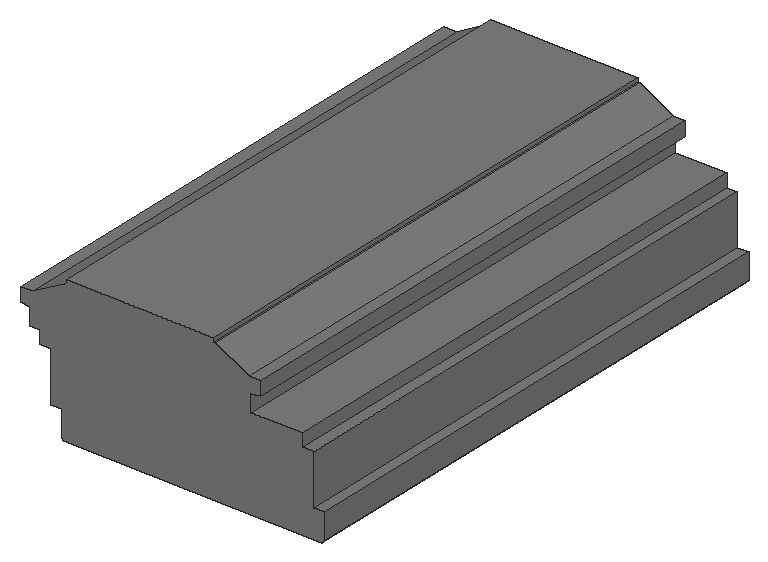
Revit family "HourdiBox PP Néo 150 Up 14 KW-1", category Equipement spécialisé, Revit 2016
Family settings
  Basée sur le plan de construction = Non
  Toujours verticalement = Oui
  Couper avec des vides une fois chargée = Non
  Partagée = Non
  Point de calcul de pièce = Non
Parameters (values of type "HourdiBox PP 150 Up 14")
  Up - SEAC GF 110 - SEAC GF 120 - SEAC GF 930 - SEAC GF 940 = 0.1300 W/(m·K)  # constant formula
  Up - RECTOR NR 130 = 0.1400 W/(m·K)  # constant formula
  Up - RECTOR NR 110 = 0.1300 W/(m·K)  # constant formula
  Up - LB7 - Série 1 = 0.1300 W/(m·K)  # constant formula
  Up - LB 7 - Série 2 = 0.1300 W/(m·K)  # constant formula
  Up - KP1 Leader 130 - KP1 Leader 140 = 0.1300 W/(m·K)  # constant formula
  Up - KP1 Leader 110 - KP1 Leader 115S - KP1 Leader x 110 = 0.1300 W/(m·K)  # constant formula
  Up - DURANDAL DF 110 - DURANDAL DF 130 - DURANDAL DF 140 = 0.1300 W/(m·K)  # constant formula
  URL = "http://www.isobox-isolation.fr/"
  Rp - SEAC GF 110 - SEAC GF 120 - SEAC GF 930 - SEAC GF 940 = 7.0000 (m²·K)/W  # constant formula
  Rp - RECTOR NR 110 = 7.1000 (m²·K)/W  # constant formula
  Rp - RECTOR NR 130 = 6.8500 (m²·K)/W  # constant formula
  Keynote = ""
  Model = "Entrevous 120 - UP 14 "  # constant formula
  Matériaux = Isolant PSE Entrevous
  Longueur = 1200 mm  # constant formula
  Largeur coupure 02 (base 10cm = 0) (par défaut) [instance] = 100 mm
  Largeur coupure 01 (base 10cm = 0) [instance] = 100 mm
  Longueur coupure (base 10cm = 0) [instance] = 100 mm
  Largeur = 688.5 mm  # constant formula
  Rp - LB7 - Série 1 = 7.2000 (m²·K)/W  # constant formula
  Rp - LB 7 - Série 2 = 7.0000 (m²·K)/W  # constant formula
  Rp - KP1 Leader 130 - KP1 Leader 140 = 7.0000 (m²·K)/W  # constant formula
  Rp - KP1 Leader 110 - KP1 Leader 115S - KP1 Leader x 110 = 7.2000 (m²·K)/W  # constant formula
  Fabricant = "Isobox"  # constant formula
  Epaisseur de languette = 207 mm  # constant formula
  Description = ""
  Rp - DURANDAL DF 110 - DURANDAL DF 130 - DURANDAL DF 140 = 7.0500 (m²·K)/W  # constant formula
  Coût = 0  # constant formula
Reference planes
  plane 1 "Centre (avant/arrière)": y = 0
  plane 2: z = 0
  plane 3 "Centre (gauche/droite)": x = 0
Forms (mm)
  Extrusion 1, solid, material "Isolant PSE Entrevous" <- "Matériaux"
    sketch origin (0, 0, 0) x (1, 0, 0) y (0, 0, 1)
      loop
        line (105.383, 0) -> (105.383, -9) -> (100.383, -9) -> (27.542, -50.647) -> (0, -50.647) -> (0, -82.012) -> (21.945, -84.319) -> (21.945, -122.995) -> (45, -122.995) -> (45, -152) -> (68.5, -152) -> (68.5, -266) -> (93.5, -266) -> (93.5, -325) -> (98.5, -330) -> (683.5, -330) -> (688.5, -325) -> (688.5, -266) -> (663.5, -266) -> (663.5, -152) -> (640, -152) -> (640, -123) -> (522.055, -123) -> (522.055, -84.319) -> (544, -82.012) -> (544, -50.647) -> (516.458, -50.647) -> (443.618, -9) -> (438.618, -9) -> (438.618, 0) -> (105.383, 0)
    from 0 to 1200
  Extrusion 2, void
    sketch origin (0, 0, 0) x (1, 0, 0) y (0, 1, 0)
      loop
        line (788.5, 0) -> (688.5, 0) -> (688.5, -1200) -> (788.5, -1200) -> (788.5, 0)
    from -330 to 0
  Extrusion 3, void
    sketch origin (0, 0, 0) x (1, 0, 0) y (0, 1, 0)
      loop
        line (0, -1200) -> (0, -1300) -> (688.5, -1300) -> (688.5, -1200) -> (0, -1200)
    from 0 to -330
  Extrusion 4, void
    sketch origin (-788.5, 0, 0) x (1, 0, 0) y (0, 1, 0)
      loop
        line (788.5, 0) -> (688.5, 0) -> (688.5, -1200) -> (788.5, -1200) -> (788.5, 0)
    from -330 to 0
Cuts and joins
  Extrusion 2, Extrusion 3, Extrusion 4 cuts Extrusion 1
Lines and regions (mm)
  reference lines
    curve 1: line (788.5, 160, 0) -> (788.5, -1440, 0)
    curve 2: line (-100, 0, 0) -> (-100, -1540, 0)
    curve 3: line (0, -1300, 0) -> (1520, -1300, 0)
Dimensions and locks
  locked: Extrusion 1 to Extrusion 1 at 688.5
  locked: Extrusion 1 to Extrusion 1 at 1200
  locked: Extrusion 1 to Extrusion 1 at 143
  "Largeur coupure 01 (base 10cm = 0)": Extrusion 2 to Extrusion 2
  locked: Extrusion 3 to Extrusion 3 at 688.5
  "Longueur coupure (base 10cm = 0)": Extrusion 3 to Extrusion 3
  "Largeur coupure 02 (base 10cm = 0) (par défaut)": Extrusion 4 to Extrusion 4
  cut or joined group of Extrusion 1, Extrusion 2, Extrusion 3, Extrusion 4 to cut or joined group of Extrusion 1, Extrusion 2, Extrusion 3, Extrusion 4 = 330 mm
  aligned and locked: level to plane 2
  aligned and locked: Extrusion 2 to curve 1
  aligned and locked: Extrusion 4 to curve 2
  aligned and locked: Extrusion 3 to curve 3
Automatic sketch dimensions
  Extrusion 1 sketch curve to plane 3 "Centre (gauche/droite)" = 0 mm
  Extrusion 1 sketch curve to level = 0 mm
  plane 3 "Centre (gauche/droite)" to Extrusion 1 sketch curve = 21.945 mm
  plane 3 "Centre (gauche/droite)" to Extrusion 1 sketch curve = 27.542 mm
  Extrusion 1 sketch curve to Extrusion 1 sketch curve = 23.055 mm
  plane 3 "Centre (gauche/droite)" to Extrusion 1 sketch curve = 68.5 mm
  Extrusion 1 sketch curve to Extrusion 1 sketch curve = 25 mm
  Extrusion 1 sketch curve to Extrusion 1 sketch curve = 5 mm  (x5)
  Extrusion 1 sketch curve to level = 9 mm  (x2)
  Extrusion 1 sketch curve to Extrusion 1 sketch curve = 72.84 mm  (x2)
  Extrusion 1 sketch curve to Extrusion 1 sketch curve = 333.235 mm
  Extrusion 1 sketch curve to Extrusion 1 sketch curve = 5.597 mm
  Extrusion 1 sketch curve to level = 82.012 mm
  Extrusion 1 sketch curve to Extrusion 1 sketch curve = 21.945 mm
  Extrusion 1 sketch curve to Extrusion 1 sketch curve = 96 mm
  Extrusion 1 sketch curve to Extrusion 1 sketch curve = 23.5 mm
  Extrusion 1 sketch curve to level = 330 mm
  Extrusion 1 sketch curve to Extrusion 1 sketch curve = 20 mm
  Extrusion 1 sketch curve to level = 325 mm
  Extrusion 1 sketch curve to Extrusion 1 sketch curve = 59 mm  (x2)
  Extrusion 1 sketch curve to Extrusion 1 sketch curve = 114 mm  (x2)
  Extrusion 1 sketch curve to Extrusion 1 sketch curve = 29 mm
  Extrusion 1 sketch curve to Extrusion 1 sketch curve = 29.005 mm
  Extrusion 1 sketch curve to Extrusion 1 sketch curve = 38.676 mm
  Extrusion 1 sketch curve to Extrusion 1 sketch curve = 2.307 mm  (x2)
  Extrusion 1 sketch curve to Extrusion 1 sketch curve = 33.672 mm  (x2)
  plane 1 "Centre (avant/arrière)" to Extrusion 2 sketch curve = 0 mm
  plane 3 "Centre (gauche/droite)" to Extrusion 2 sketch curve = 688.5 mm
  Extrusion 2 sketch curve to Extrusion 2 sketch curve = 100 mm
  plane 1 "Centre (avant/arrière)" to Extrusion 2 sketch curve = 1200 mm
  Extrusion 3 sketch curve to plane 3 "Centre (gauche/droite)" = 0 mm
  plane 3 "Centre (gauche/droite)" to Extrusion 3 sketch curve = 688.5 mm
  plane 1 "Centre (avant/arrière)" to Extrusion 3 sketch curve = 1300 mm
  Extrusion 3 sketch curve to Extrusion 3 sketch curve = 100 mm
  plane 1 "Centre (avant/arrière)" to Extrusion 4 sketch curve = 0 mm
  Extrusion 4 sketch curve to plane 3 "Centre (gauche/droite)" = 0 mm
  Extrusion 4 sketch curve to plane 3 "Centre (gauche/droite)" = 100 mm
  plane 1 "Centre (avant/arrière)" to Extrusion 4 sketch curve = 1200 mm
  plane 1 "Centre (avant/arrière)" to curve 2 = 0 mm
  curve 3 to plane 3 "Centre (gauche/droite)" = 0 mm
  curve 2 to plane 3 "Centre (gauche/droite)" = 100 mm
  plane 3 "Centre (gauche/droite)" to curve 1 = 788.5 mm
  curve 1 to curve 3 = 731.5 mm
  plane 1 "Centre (avant/arrière)" to curve 3 = 1300 mm
  curve 1 to curve 3 = 140 mm
  curve 2 to curve 3 = 240 mm
  curve 1 to plane 1 "Centre (avant/arrière)" = 160 mm
